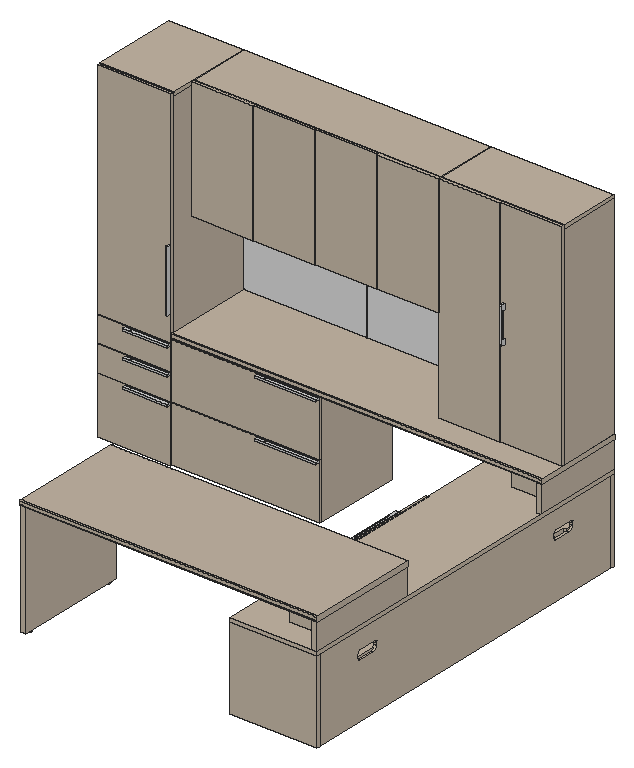
Revit family "FLT016", category Furniture, Revit 2015 (continued)
Definition of nested family "JSI-Flux-Pensl_Crednz"
  Parameters (values of type "Type Catalog - Pnsl Crdnz")
    Drawer Line = if(C1, 2 > 1, (if(C2, 2 > 1, (if(C3, 2 > 1, (if(C4, 2 > 1, (if(C, 2 > 1, (if(C7, (if(Pdst_Width > 1' 10", 1 > 2, 2 > 1)), 1 > 2)))))))))))  # yes
    Doors Line = if(C, 2 > 1, 1 > 2)  # no
    Door Line = if(C7, (if(Pdst_Width > 1' 10", 2 > 1, 1 > 2)), (if(C8, 2 > 1, (if(C, 2 > 1, 1 > 2)))))  # no
    Door Height = if(C7, (Height - 0' 0 5/16" - 0' 0 1/4" - 0' 1 3/16"), (if(C8, (Height - 0' 0 5/16" - 0' 7 3/32" - 0' 1 3/16"), (Height - 0' 0 5/16" - 0' 0 1/4" - 0' 0 1/8" - 0' 1 3/16") / 2)))  # 1' - 1 9/16"
    Depth = 1' - 10 1/16"
    C_Shelf = if(C0, 2 > 1, (if(C1, 2 > 1, (if(C2, 2 > 1, (if(C7, 2 > 1, (if(C8, 2 > 1, 1 > 2)))))))))  # no
    C_Pull_Dist = if(C, (if(L, ((Pdst_Width / 2) + 0' 0 7/32"), ((Pdst_Width / 2) - 0' 0 7/32" - Pull Width))), (if(C1, (if(Width > 4' 6", (if(Pdst_L, Pdst_Width - 0' 0 7/32" - Pull Width, 0' 0 7/32")), ((Pdst_Width - Pull Width) / 2))), (if(C3, (if(Width > 4' 6", (if(Pdst_L, Pdst_Width - 0' 0 7/32" - Pull Width, 0' 0 7/32")), ((Pdst_Width - Pull Width) / 2))), Pdst_Width)))))  # 1' - 8 29/32"
    C_Pull = if(C, 2 > 1, (if(C1, 2 > 1, (if(C3, 2 > 1, 1 > 2)))))  # yes
    C_Partition = if(C0, 1 > 2, (if(C1, 1 > 2, (if(C2, 1 > 2, (if(C3, 1 > 2, (if(C4, 1 > 2, (if(C7, 1 > 2, (if(C8, 1 > 2, 2 > 1)))))))))))))  # no
    Bottom_Pull_Dist = if(C, ((Pdst_Width - BT_Pull_Width) / 2), (if(Pdst_L, Pdst_Width - 0' 0 7/32" - BT_Pull_Width, 0' 0 7/32")))  # 1' - 8 29/32"
    Bottom Panel Dist = if(C7, 0' 0", (if(C8, 0' 0", (if(C0, 0' 0", 0' 5 1/8")))))  # 0' - 5 1/8"
    Bottom Door = if(C0, 1 > 2, 2 > 1)  # yes
    Back Panel = none
    Door Front = none
    Description = ""
    Chassis = none
    BT_Pull_Width = if(C2, (if(Pdst_Width > 1' 10", 1' 2 7/8", 0' 10 27/32")), (if(C4, (if(Pdst_Width > 1' 10", 1' 2 7/8", 0' 10 27/32")), (if(C3, (if(Pdst_Width > 1' 10", 1' 2 7/8", 0' 10 27/32")), (if(C, (if(Pdst_Width > 1' 10", 1' 2 7/8", 0' 10 27/32")), 0' 10 27/32")))))))  # 1' - 2 7/8"
    BT_Pull_Line = if(C0, 1 > 2, 1 > 2)  # no
    BT_Pull = if(C7, 1 > 2, (if(C8, 1 > 2, (if(C0, 1 > 2, 2 > 1)))))  # yes
    Assembly Code = "E2020200"
  Reference planes (in)
    plane 1: z = 0
    plane 2 "Center (Left/Right)": x = -36.06413
    plane 3 "Center (Front/Back)": y = 10.75
    plane 4: x = -36.00163
    plane 5: x = -35.25163
    plane 6: x = -0.00163
    plane 7: x = -0.75163
    plane 8: y = -11.1875
    plane 9: y = 10.625
    plane 10: y = 9.875
    plane 11: x = -18.00163
    plane 12: y = -10.4375
    plane 13: z = 27.8125
    plane 14: z = 0.3125
    plane 15: z = 1.5
    plane 16: z = 2.25
    plane 17: z = 16.71875
    plane 18: z = 15.96875
    plane 19: z = 27.0625
    plane 20: z = 20.96875
    plane 21: z = 20.21875
    plane 22: z = 25.0625
    plane 23: y = 7.15625
    plane 24: y = 6.71875
    plane 25: y = 2.21875
    plane 26: y = -5.9375
    plane 27: y = -6.4375
    plane 28: y = 5.40625
    plane 29: y = 9.09375
    plane 30: y = -9
    plane 31: x = -34.25163
    plane 32: x = -1.75163
    plane 33: y = 8.59375
    plane 34: y = 6.09375
    plane 35: x = -21.00163
    plane 36: x = -15.00163
    plane 37: x = -18.37663
    plane 38: x = -17.62663
    plane 39: z = 27.6875
    plane 40: z = 0.4375
    plane 41: z = 14
    plane 42: z = 14.125
    plane 43: x = -18.06413
    plane 44: x = -17.93913
    plane 45: x = -35.93913
    plane 46: x = -0.06413
    plane 47: z = 20.84375
    plane 48: z = 20.96875
    plane 49: z = 20.90625
    plane 50: y = -10.4375
    plane 51: y = -11.4375
    plane 52: y = -10.4375
    plane 53: y = -11.4375
    plane 54: y = -12.4375
    plane 55: y = -13.4375
    plane 56: y = -12.4375
    plane 57: y = -13.4375
    plane 58: x = -15.09538
    plane 59: x = -15.09538
    plane 60: x = -15.09538
    plane 61: x = -15.09538
    plane 62: z = 27.5
    plane 63: z = 20.65625
    plane 64: z = 13.8125
    plane 65: z = 29
    plane 66: x = 59.93587
    plane 67: x = 59.87337
    plane 68: x = 58.68587
    plane 69: y = 10.6875
    plane 70: y = -11.3125
    plane 71: z = 22.8125
    plane 72: y = -0.28125
    plane 73: y = 5.23437
    plane 74: y = -5.79688
    plane 75: y = 5.82812
    plane 76: y = 4.64062
    plane 77: y = -5.20313
    plane 78: y = -6.39063
    plane 79: z = 21
    plane 80: x = 58.68587
    plane 81: x = 48.68587
  Forms (in)
    Extrusion 1, solid, material <- "Chassis"
      sketch origin (0, 0, 0) x (0, 1, 0) y (0, 0, 1)
        loop
          line (10.6875, 27.8125) -> (-10.4375, 27.8125) -> (-10.4375, 0.3125) -> (10.6875, 0.3125) -> (10.6875, 27.8125)
      from -36.00163 to -35.25163
    Extrusion 2, solid, material <- "Chassis"
      sketch origin (0, 0, 0) x (0, 1, 0) y (0, 0, 1)
        loop
          line (10.6875, 27.8125) -> (-10.4375, 27.8125) -> (-10.4375, 0.3125) -> (10.6875, 0.3125) -> (10.6875, 27.8125)
      from -0.75163 to -0.00163
    Extrusion 3, solid, material <- "Shelf"
      sketch origin (0, 0, 0) x (0, 1, 0) y (0, 0, 1)
        loop
          line (-6.4375, 1.5) -> (-10.4375, 1.5) -> (-10.4375, 0.3125) -> (-6.4375, 0.3125) -> (-6.4375, 1.5)
      from -35.25163 to -0.75163
    Extrusion 4, solid, material <- "Shelf"
      sketch origin (0, 0, 0) x (0, 1, 0) y (0, 0, 1)
        loop
          line (5.40625, 2.25) -> (-10.4375, 2.25) -> (-10.4375, 1.5) -> (5.40625, 1.5) -> (5.40625, 2.25)
      from -35.25163 to -0.75163
    Extrusion 5, solid, material <- "Top"
      sketch origin (0, 0, 0) x (0, 1, 0) y (0, 0, 1)
        loop
          line (6.71875, 27.0625) -> (6.71875, 27.8125) -> (2.21875, 27.8125) -> (2.21875, 27.0625) -> (6.71875, 27.0625)
      from -35.25163 to -0.75163
    Extrusion 6, solid, material <- "Top"
      sketch origin (0, 0, 0) x (0, 1, 0) y (0, 0, 1)
        loop
          line (-6.4375, 27.8125) -> (-10.4375, 27.8125) -> (-10.4375, 27.0625) -> (-6.4375, 27.0625) -> (-6.4375, 27.8125)
      from -35.25163 to -0.75163
    Extrusion 7, solid, material <- "Glides"
      sketch origin (0, 0, 0) x (1, 0, 0) y (0, 1, 0)
        loop
          circle (-34.25163, 9.09375) r 0.5
      from 0 to 0.3125
    Extrusion 8, solid, material <- "Glides"
      sketch origin (0, 0, 0) x (1, 0, 0) y (0, 1, 0)
        loop
          circle (-1.75163, 9.09375) r 0.5
      from 0 to 0.3125
    Extrusion 9, solid, material <- "Glides"
      sketch origin (0, 0, 0) x (1, 0, 0) y (0, 1, 0)
        loop
          circle (-34.25163, -9) r 0.5
      from 0 to 0.3125
    Extrusion 10, solid, material <- "Glides"
      sketch origin (0, 0, 0) x (1, 0, 0) y (0, 1, 0)
        loop
          circle (-1.75163, -9) r 0.5
      from 0 to 0.3125
    Extrusion 11, solid, material <- "Shelf", visible <- "C_Shelf"
      sketch origin (0, 0, 0) x (0, 1, 0) y (0, 0, 1)
        loop
          line (9.875, 16.71875) -> (-10.4375, 16.71875) -> (-10.4375, 15.96875) -> (9.875, 15.96875) -> (9.875, 16.71875)
      from -35.25163 to -0.75163
    Extrusion 12, solid, material <- "Shelf", visible <- "Top Shelf"
      sketch origin (0, 0, 0) x (1, 0, 0) y (0, 1, 0)
        loop
          line (-0.75163, 9.09375) -> (-35.25163, 9.09375) -> (-35.25163, -10.4375) -> (-0.75163, -10.4375) -> (-0.75163, 9.09375)
        loop
          line (-16.00163, 8.59375) -> (-20.00163, 8.59375)
          arc (-20.00163, 8.59375) -> (-20.70874, 8.30086) -> (-21.00163, 7.59375) r 1
          line (-21.00163, 7.59375) -> (-21.00163, 7.09375)
          arc (-21.00163, 7.09375) -> (-20.70874, 6.38664) -> (-20.00163, 6.09375) r 1
          line (-20.00163, 6.09375) -> (-16.00163, 6.09375)
          arc (-16.00163, 6.09375) -> (-15.29453, 6.38664) -> (-15.00163, 7.09375) r 1
          line (-15.00163, 7.09375) -> (-15.00163, 7.59375)
          arc (-15.00163, 7.59375) -> (-15.29453, 8.30086) -> (-16.00163, 8.59375) r 1
      from 20.21875 to 20.96875
    Extrusion 13, solid, material <- "Chassis", visible <- "C_Partition"
      sketch origin (0, 0, 0) x (0, 1, 0) y (0, 0, 1)
        loop
          line (9.875, 27.0625) -> (-10.4375, 27.0625) -> (-10.4375, 14.0625) -> (9.875, 14.0625) -> (9.875, 27.0625)
      from -18.37663 to -17.62663
    Extrusion 14, solid, material <- "Door Front", visible <- "Top Door"
      sketch origin (0, 0, 0) x (1, 0, 0) y (0, 1, 0)
        loop
          line (-0.06413, -10.4375) -> (-35.93913, -10.4375) -> (-35.93913, -11.1875) -> (-0.06413, -11.1875) -> (-0.06413, -10.4375)
      from 14.125 to 27.6875
    Extrusion 15, solid, material <- "Door Front", visible <- "Bottom Door"
      sketch origin (0, 0, 0) x (1, 0, 0) y (0, 1, 0)
        loop
          line (-35.93913, -10.4375) -> (-35.93913, -11.1875) -> (-0.06413, -11.1875) -> (-0.06413, -10.4375) -> (-35.93913, -10.4375)
      from 0.4375 to 14
    Extrusion 16, void
      sketch origin (0, 0, 0) x (1, 0, 0) y (0, 1, 0)
        loop
          line (-36.00163, -10.4375) -> (-36.00163, -11.4375) -> (-17.93913, -11.4375) -> (-17.93913, -10.4375) -> (-36.00163, -10.4375)
      from 20.84375 to 20.96875
    Extrusion 17, void
      sketch origin (0, 0, 0) x (1, 0, 0) y (0, 1, 0)
        loop
          line (-18.06413, -10.4375) -> (-18.06413, -11.4375) -> (-0.00163, -11.4375) -> (-0.00163, -10.4375) -> (-18.06413, -10.4375)
      from 20.84375 to 20.96875
    Extrusion 18, void
      sketch origin (0, 0, 0) x (1, 0, 0) y (0, 1, 0)
        loop
          line (-18.06413, -12.4375) -> (-18.06413, -13.4375) -> (-17.93913, -13.4375) -> (-17.93913, -12.4375) -> (-18.06413, -12.4375)
      from 14 to 27.8125
    Extrusion 19, void
      sketch origin (0, 0, 0) x (1, 0, 0) y (0, 1, 0)
        loop
          line (-18.06413, -12.4375) -> (-18.06413, -13.4375) -> (-17.93913, -13.4375) -> (-17.93913, -12.4375) -> (-18.06413, -12.4375)
      from 0 to 27.8125
    Extrusion 20, solid, material <- "Back Panel"
      sketch origin (0, 0, 0) x (0, 1, 0) y (0, 0, 1)
        loop
          line (9.875, 27.8125) -> (8.59375, 27.8125) -> (8.59375, 22.8125) -> (9.875, 22.8125) -> (9.875, 27.8125)
      from -35.25163 to -0.75163
    Extrusion 21, solid, material <- "Back Panel"
      sketch origin (0, 0, 0) x (0, 1, 0) y (0, 0, 1)
        loop
          line (10.625, 27.8125) -> (9.875, 27.8125) -> (9.875, 0.3125) -> (10.625, 0.3125) -> (10.625, 27.8125)
      from -35.25163 to -0.75163
    Extrusion 22, solid, material <- "Top"
      sketch origin (0, 0, 0) x (0, 1, 0) y (0, 0, 1)
        loop
          line (10.625, 29) -> (-11.1875, 29)
          arc (-11.1875, 29) -> (-11.27589, 28.96339) -> (-11.3125, 28.875) r 0.125
          line (-11.3125, 28.875) -> (-11.3125, 27.9375)
          arc (-11.3125, 27.9375) -> (-11.27589, 27.84911) -> (-11.1875, 27.8125) r 0.125
          line (-11.1875, 27.8125) -> (10.625, 27.8125)
          arc (10.625, 27.8125) -> (10.71339, 27.84911) -> (10.75, 27.9375) r 0.125
          line (10.75, 27.9375) -> (10.75, 28.875)
          arc (10.75, 28.875) -> (10.71339, 28.96339) -> (10.625, 29) r 0.125
      from -36.06413 to 59.93587
    Extrusion 23, solid, material <- "Chassis"
      sketch origin (0, 0, 0) x (1, 0, 0) y (0, 1, 0)
        loop
          line (58.68587, 5.82812) -> (48.68587, 5.82812) -> (48.68587, 4.64062) -> (58.68587, 4.64062) -> (58.68587, 5.82812)
      from 21 to 27.8125
    Extrusion 24, solid, material <- "Chassis"
      sketch origin (0, 0, 0) x (1, 0, 0) y (0, 1, 0)
        loop
          line (48.68587, -5.20313) -> (48.68587, -6.39063) -> (58.68587, -6.39063) -> (58.68587, -5.20313) -> (48.68587, -5.20313)
      from 21 to 27.8125
    Extrusion 25, solid, material <- "Chassis"
      sketch origin (0, 0, 0) x (1, 0, 0) y (0, 1, 0)
        loop
          line (58.68587, 10.75) -> (58.68587, -11.3125) -> (59.87337, -11.3125) -> (59.87337, 10.75) -> (58.68587, 10.75)
      from 21 to 27.8125
  Cuts and joins
    Extrusion 16, Extrusion 17, Extrusion 18, Extrusion 19 cuts Extrusion 14
    Extrusion 19 cuts Extrusion 15
  Lines and regions (in)
    symbolic lines, visible <- "C_Partition", detail levels medium+fine
      curve 1: line (-18.37663, 9.875, 0) -> (-18.37663, -10.4375, 0)
      curve 2: line (-17.62663, 9.875, 0) -> (-17.62663, -10.4375, 0)
      curve 3: line (-17.62663, 9.875, 0) -> (-18.37663, 9.875, 0)
      curve 4: line (-17.62663, -10.4375, 0) -> (-18.37663, -10.4375, 0)
    symbolic lines
      curve 5: line (-36.06413, 10.75, 0) -> (-36.06413, -11.3125, 0)
      curve 6: line (59.93587, 10.75, 0) -> (-36.06413, 10.75, 0)
      curve 7: line (59.93587, -11.3125, 0) -> (-36.06413, -11.3125, 0)
      curve 8: line (59.93587, 10.75, 0) -> (59.93587, -11.3125, 0)
    symbolic lines, detail levels medium+fine
      curve 9: line (58.68587, 10.75, 0) -> (58.68587, -11.3125, 0)
      curve 10: line (59.87337, 10.75, 0) -> (59.87337, -11.3125, 0)
      curve 11: line (59.87337, 10.75, 0) -> (58.68587, 10.75, 0)
      curve 12: line (59.87337, -11.3125, 0) -> (58.68587, -11.3125, 0)
      curve 13: line (58.68587, 5.82812, 0) -> (48.68587, 5.82812, 0)
      curve 14: line (58.68587, 4.64062, 0) -> (48.68587, 4.64062, 0)
      curve 15: line (48.68587, 5.82812, 0) -> (48.68587, 4.64062, 0)
      curve 16: line (58.68587, 5.82812, 0) -> (58.68587, 4.64062, 0)
      curve 17: line (58.68587, -5.20313, 0) -> (48.68587, -5.20313, 0)
      curve 18: line (58.68587, -6.39063, 0) -> (48.68587, -6.39063, 0)
      curve 19: line (48.68587, -5.20313, 0) -> (48.68587, -6.39063, 0)
      curve 20: line (58.68587, -5.20313, 0) -> (58.68587, -6.39063, 0)
      curve 21: line (-0.75163, 10.625, 0) -> (-35.25163, 10.625, 0)
      curve 22: line (-0.75163, 9.875, 0) -> (-35.25163, 9.875, 0)
      curve 23: line (-36.00163, 10.6875, 0) -> (-36.00163, -10.4375, 0)
      curve 24: line (-35.25163, 10.6875, 0) -> (-35.25163, -10.4375, 0)
      curve 25: line (-35.25163, 10.6875, 0) -> (-36.00163, 10.6875, 0)
      curve 26: line (-35.25163, -10.4375, 0) -> (-36.00163, -10.4375, 0)
      curve 27: line (-0.75163, 10.6875, 0) -> (-0.75163, -10.4375, 0)
      curve 28: line (-0.00163, 10.6875, 0) -> (-0.00163, -10.4375, 0)
      curve 29: line (-0.00163, 10.6875, 0) -> (-0.75163, 10.6875, 0)
      curve 30: line (-0.00163, -10.4375, 0) -> (-0.75163, -10.4375, 0)
  Dimensions and locks (in)
    "Pdst_Width": plane 4 to plane 6
    equal spacing: plane 4, plane 11, plane 6
    plane 10 to plane 9 to plane 3 "Center (Front/Back)" = 0' - 0 3/4" locked, 0' - 0 1/8" locked
    locked: plane 8 to plane 12 at 0.75
    plane 4 to plane 5 to plane 31 = 0' - 0 3/4" locked, 0' - 1" locked
    plane 32 to plane 7 to plane 6 = 0' - 1" locked, 0' - 0 3/4" locked
    locked: plane 13 to plane 19 at 0.75
    locked: plane 17 to plane 18 at 0.75
    locked: plane 14 to plane 1 at 0.3125
    plane 16 to plane 15 to plane 14 = 0' - 0 3/4" locked, 0' - 1 3/16" locked
    "Shelf Height": plane 13 to plane 17
    locked: plane 20 to plane 21 at 0.75
    locked: plane 13 to plane 20 at 6.84375
    locked: plane 13 to plane 22 at 2.75
    plane 25 to plane 24 to plane 23 to plane 3 "Center (Front/Back)" = 0' - 4 1/2" locked, 0' - 0 7/16" locked, 0' - 3 19/32" locked
    locked: plane 12 to plane 26 at 4.5
    locked: plane 12 to plane 27 at 4
    locked: plane 29 to plane 3 "Center (Front/Back)" at 1.65625
    locked: plane 12 to plane 30 at 1.4375
    plane 34 to plane 33 to plane 10 = 0' - 2 1/2" locked, 0' - 1 9/32" locked
    locked: plane 35 to plane 36 at 6
    equal spacing: plane 35, plane 11, plane 36
    plane 37 to plane 11 to plane 38 = 0' - 0 3/8" locked, 0' - 0 3/8" locked
    locked: plane 13 to plane 39 at 0.125
    locked: plane 16 to plane 40 at 1.8125
    "Door Height": plane 41 to plane 40
    "Door Height": plane 39 to plane 42
    plane 43 to plane 11 to plane 44 = 0' - 0 1/16" locked, 0' - 0 1/16" locked
    locked: plane 4 to plane 45 at 0.0625
    locked: plane 46 to plane 6 at 0.0625
    plane 48 to plane 49 to plane 47 = 0' - 0 1/16" locked, 0' - 0 1/16" locked
    equal spacing: plane 39, plane 49, plane 42
    locked: plane 51 to plane 50 at 1
    locked: plane 53 to plane 52 at 1
    "L_Door_Void_Dist": plane 50 to plane 12
    "R_Door_Void_Dist": plane 52 to plane 12
    locked: plane 55 to plane 54 at 1
    "Top_V_Door_Void_Dist": plane 54 to plane 12
    locked: plane 57 to plane 56 at 1
    "V_Door_Void_Dist": plane 56 to plane 12
    locked: plane 47 to plane 63 at 0.1875
    "Top Pull V_Dist": plane 39 to plane 62
    locked: plane 41 to plane 64 at 0.1875
    "Top_Left_Pull_Dist": plane 4 to plane 58
    "Top_Right_Pull_Dist": plane 4 to plane 59
    "C_Pull_Dist": plane 4 to plane 60
    "Bottom_Pull_Dist": plane 4 to plane 61
    "Height": plane 65 to plane 1
    "Pdst_Dist": plane 2 "Center (Left/Right)" to plane 4
    "Pdst_Depth": plane 8 to plane 9
    locked: plane 69 to plane 3 "Center (Front/Back)" at 0.0625
    locked: plane 70 to plane 8 at 0.125
    "Depth": plane 70 to plane 3 "Center (Front/Back)"
    locked: plane 13 to plane 71 at 5
    "Width": plane 2 "Center (Left/Right)" to plane 66
    equal spacing: plane 70, plane 72, plane 3 "Center (Front/Back)"
    equal spacing: plane 72, plane 73, plane 3 "Center (Front/Back)"
    equal spacing: plane 70, plane 74, plane 72
    locked: plane 78 to plane 77 at 1.1875
    locked: plane 74 to plane 77 at 0.59375
    locked: plane 76 to plane 75 at 1.1875
    locked: plane 73 to plane 75 at 0.59375
    locked: plane 13 to plane 79 at 6.8125
    locked: plane 81 to plane 80 at 10
    locked: plane 68 to plane 67 at 1.1875
    "H_Top_Support_Dist": plane 2 "Center (Left/Right)" to plane 81
    "V_Top_Support_Dist": plane 2 "Center (Left/Right)" to plane 68
    locked: curve 25 to curve 26 at 21.125
    locked: curve 29 to curve 30 at 21.125
    locked: curve 23 to curve 24 at 0.75
    locked: curve 27 to curve 28 at 0.75
    curve 29 to curve 30 = 1' - 9 1/8"
    radius of Extrusion 7 sketch curve = 0' - 0 1/2"
    radius of Extrusion 8 sketch curve = 0' - 0 1/2"
    radius of Extrusion 9 sketch curve = 0' - 0 1/2"
    radius of Extrusion 10 sketch curve = 0' - 0 1/2"
    aligned and locked: level to plane 1
    aligned and locked: plane 13 to Extrusion 1 sketch curve
    aligned and locked: plane 12 to Extrusion 1 sketch curve
    aligned and locked: plane 14 to Extrusion 1 sketch curve
    aligned and locked: Extrusion 1 to plane 4
    aligned and locked: plane 5 to Extrusion 1
    aligned and locked: plane 13 to Extrusion 2 sketch curve
    aligned and locked: plane 12 to Extrusion 2 sketch curve
    aligned and locked: plane 14 to Extrusion 2 sketch curve
    aligned and locked: Extrusion 2 to plane 7
    aligned and locked: plane 6 to Extrusion 2
    aligned and locked: plane 27 to Extrusion 3 sketch curve
    aligned and locked: plane 12 to Extrusion 3 sketch curve
    aligned and locked: plane 15 to Extrusion 3 sketch curve
    aligned and locked: plane 14 to Extrusion 3 sketch curve
    aligned and locked: Extrusion 3 to plane 5
    aligned and locked: plane 7 to Extrusion 3
    aligned and locked: plane 16 to Extrusion 4 sketch curve
    aligned and locked: plane 15 to Extrusion 4 sketch curve
    aligned and locked: plane 12 to Extrusion 4 sketch curve
    aligned and locked: plane 28 to Extrusion 4 sketch curve
    aligned and locked: Extrusion 4 to plane 5
    aligned and locked: plane 7 to Extrusion 4
    aligned and locked: plane 19 to Extrusion 5 sketch curve
    aligned and locked: plane 13 to Extrusion 5 sketch curve
    aligned and locked: plane 24 to Extrusion 5 sketch curve
    aligned and locked: plane 25 to Extrusion 5 sketch curve
    aligned and locked: plane 27 to Extrusion 6 sketch curve
    aligned and locked: plane 12 to Extrusion 6 sketch curve
    aligned and locked: plane 19 to Extrusion 6 sketch curve
    aligned and locked: plane 13 to Extrusion 6 sketch curve
    aligned and locked: Extrusion 6 to plane 5
    aligned and locked: Extrusion 5 to plane 5
    aligned and locked: plane 7 to Extrusion 6
    aligned and locked: plane 7 to Extrusion 5
    aligned and locked: Extrusion 7 to plane 1
    aligned and locked: Extrusion 9 to plane 1
    aligned and locked: Extrusion 8 to plane 1
    aligned and locked: Extrusion 10 to plane 1
    aligned and locked: plane 14 to Extrusion 7
    aligned and locked: plane 14 to Extrusion 9
    aligned and locked: plane 14 to Extrusion 8
    aligned and locked: plane 14 to Extrusion 10
    aligned and locked: plane 17 to Extrusion 11 sketch curve
    aligned and locked: plane 18 to Extrusion 11 sketch curve
    aligned and locked: plane 12 to Extrusion 11 sketch curve
    aligned and locked: Extrusion 11 to plane 5
    aligned and locked: plane 7 to Extrusion 11
    aligned and locked: Extrusion 12 sketch curve to plane 29
    aligned and locked: Extrusion 12 sketch curve to plane 5
    aligned and locked: Extrusion 12 sketch curve to plane 7
    aligned and locked: Extrusion 12 sketch curve to plane 12
    aligned and locked: plane 20 to Extrusion 12
    aligned and locked: Extrusion 12 to plane 21
    aligned and locked: Extrusion 12 sketch curve to plane 33
    aligned and locked: Extrusion 12 sketch curve to plane 34
    aligned and locked: Extrusion 12 sketch curve to plane 35
    aligned and locked: Extrusion 12 sketch curve to plane 36
    aligned and locked: plane 10 to Extrusion 13 sketch curve
    aligned and locked: plane 19 to Extrusion 13 sketch curve
    aligned and locked: plane 12 to Extrusion 13 sketch curve
    aligned and locked: Extrusion 13 to plane 37
    aligned and locked: plane 38 to Extrusion 13
    aligned and locked: Extrusion 14 sketch curve to plane 12
    aligned and locked: Extrusion 14 sketch curve to plane 8
    aligned and locked: Extrusion 14 sketch curve to plane 45
    aligned and locked: Extrusion 14 sketch curve to plane 46
    aligned and locked: plane 39 to Extrusion 14
    aligned and locked: Extrusion 14 to plane 42
    aligned and locked: Extrusion 15 sketch curve to plane 45
    aligned and locked: Extrusion 15 sketch curve to plane 12
    aligned and locked: Extrusion 15 sketch curve to plane 8
    aligned and locked: Extrusion 15 sketch curve to plane 46
    aligned and locked: plane 41 to Extrusion 15
    aligned and locked: Extrusion 15 to plane 40
    aligned and locked: Extrusion 16 sketch curve to plane 4
    aligned and locked: Extrusion 16 sketch curve to plane 50
    aligned and locked: Extrusion 16 sketch curve to plane 51
    aligned and locked: Extrusion 17 sketch curve to plane 52
    aligned and locked: Extrusion 17 sketch curve to plane 53
    aligned and locked: Extrusion 17 sketch curve to plane 6
    aligned and locked: plane 48 to Extrusion 16
    aligned and locked: plane 48 to Extrusion 17
    aligned and locked: Extrusion 16 to plane 47
    aligned and locked: Extrusion 17 to plane 47
    aligned and locked: Extrusion 16 sketch curve to plane 44
    aligned and locked: Extrusion 17 sketch curve to plane 43
    aligned and locked: Extrusion 18 sketch curve to plane 43
    aligned and locked: Extrusion 18 sketch curve to plane 44
    aligned and locked: Extrusion 18 sketch curve to plane 54
    aligned and locked: Extrusion 18 sketch curve to plane 55
    aligned and locked: plane 13 to Extrusion 18
    aligned and locked: Extrusion 18 to plane 41
    aligned and locked: Extrusion 19 sketch curve to plane 43
    aligned and locked: Extrusion 19 sketch curve to plane 44
    aligned and locked: Extrusion 19 sketch curve to plane 57
    aligned and locked: Extrusion 19 sketch curve to plane 56
    aligned and locked: plane 13 to Extrusion 19
    aligned and locked: nested 1 to plane 58
    aligned and locked: nested 2 to plane 59
    aligned and locked: plane 8 to nested 1
    aligned and locked: plane 8 to nested 2
    aligned and locked: nested 3 to plane 60
    aligned and locked: plane 8 to nested 3
    aligned and locked: nested 4 to plane 61
    aligned and locked: plane 8 to nested 4
    aligned and locked: plane 62 to nested 1
    aligned and locked: plane 62 to nested 2
    aligned and locked: plane 63 to nested 3
    aligned and locked: plane 64 to nested 4
    aligned and locked: Extrusion 19 to plane 1
    aligned and locked: Extrusion 19 to plane 56
    aligned and locked: plane 11 to nested 5
    aligned and locked: curve 1 to plane 37
    aligned and locked: curve 2 to plane 38
    aligned and locked: curve 3 to plane 10
    aligned and locked: curve 4 to plane 12
    aligned and locked: Extrusion 1 sketch curve to plane 69
    aligned and locked: Extrusion 2 sketch curve to plane 69
    aligned and locked: plane 10 to Extrusion 20 sketch curve
    aligned and locked: plane 33 to Extrusion 20 sketch curve
    aligned and locked: plane 71 to Extrusion 20 sketch curve
    aligned and locked: Extrusion 20 sketch curve to plane 13
    aligned and locked: Extrusion 20 to plane 5
    aligned and locked: plane 7 to Extrusion 20
    aligned and locked: plane 9 to Extrusion 21 sketch curve
    aligned and locked: plane 10 to Extrusion 21 sketch curve
    aligned and locked: plane 13 to Extrusion 21 sketch curve
    aligned and locked: plane 14 to Extrusion 21 sketch curve
    aligned and locked: Extrusion 21 to plane 5
    aligned and locked: plane 7 to Extrusion 21
    aligned and locked: Extrusion 11 sketch curve to plane 10
    aligned and locked: plane 65 to Extrusion 22 sketch curve
    aligned and locked: plane 13 to Extrusion 22 sketch curve
    aligned and locked: plane 3 "Center (Front/Back)" to Extrusion 22 sketch curve
    aligned and locked: plane 70 to Extrusion 22 sketch curve
    aligned and locked: Extrusion 22 to plane 2 "Center (Left/Right)"
    aligned and locked: plane 66 to Extrusion 22
    aligned and locked: Extrusion 23 sketch curve to plane 75
    aligned and locked: Extrusion 23 sketch curve to plane 76
    aligned and locked: Extrusion 23 sketch curve to plane 81
    aligned and locked: Extrusion 23 sketch curve to plane 80
    aligned and locked: Extrusion 24 sketch curve to plane 81
    aligned and locked: Extrusion 24 sketch curve to plane 77
    aligned and locked: Extrusion 24 sketch curve to plane 78
    aligned and locked: Extrusion 24 sketch curve to plane 80
    aligned and locked: Extrusion 24 to plane 13
    aligned and locked: Extrusion 23 to plane 13
    aligned and locked: Extrusion 24 to plane 79
    aligned and locked: Extrusion 23 to plane 79
    aligned and locked: Extrusion 25 sketch curve to plane 68
    aligned and locked: Extrusion 25 sketch curve to plane 67
    aligned and locked: Extrusion 25 sketch curve to plane 3 "Center (Front/Back)"
    aligned and locked: Extrusion 25 sketch curve to plane 70
    aligned and locked: Extrusion 25 to plane 13
    aligned and locked: Extrusion 25 to plane 79
    aligned and locked: curve 5 to plane 2 "Center (Left/Right)"
    aligned and locked: curve 6 to plane 3 "Center (Front/Back)"
    aligned and locked: curve 7 to plane 70
    aligned and locked: curve 8 to plane 66
    aligned and locked: curve 9 to plane 68
    aligned and locked: curve 10 to plane 67
    aligned and locked: curve 11 to plane 3 "Center (Front/Back)"
    aligned and locked: curve 12 to plane 70
    aligned and locked: curve 13 to plane 75
    aligned and locked: curve 14 to plane 76
    aligned and locked: curve 15 to plane 81
    aligned and locked: curve 16 to plane 80
    aligned and locked: curve 17 to plane 77
    aligned and locked: curve 18 to plane 78
    aligned and locked: curve 19 to plane 81
    aligned and locked: curve 20 to plane 80
    aligned and locked: plane 5 to curve 21
    aligned and locked: plane 7 to curve 22
    aligned and locked: curve 25 to plane 69
    aligned and locked: curve 27 to plane 7
    aligned and locked: curve 23 to plane 4
  Automatic sketch dimensions
    plane 29 to Extrusion 7 sketch curve = 0' - 0"
    Extrusion 7 sketch curve to plane 31 = 0' - 0"
    plane 29 to Extrusion 8 sketch curve = 0' - 0"
    Extrusion 8 sketch curve to plane 32 = 0' - 0"
    plane 30 to Extrusion 9 sketch curve = 0' - 0"
    Extrusion 9 sketch curve to plane 31 = 0' - 0"
    plane 30 to Extrusion 10 sketch curve = 0' - 0"
    Extrusion 10 sketch curve to plane 32 = 0' - 0"
    plane 35 to Extrusion 12 sketch curve = 0' - 1"
    plane 23 to Extrusion 12 sketch curve = 0' - 0 1/16"
    Extrusion 12 sketch curve to plane 36 = 0' - 1"  (x2)
    Extrusion 22 sketch curve to plane 8 = 0' - 0"  (x2)
    Extrusion 22 sketch curve to plane 9 = 0' - 0"  (x2)
    curve 21 to plane 7 = 0' - 0"
    plane 12 to curve 27 = 0' - 0"
    plane 10 to curve 22 = 0' - 0"
    plane 9 to curve 21 = 0' - 0"
    plane 41 to Extrusion 13 sketch curve = 0' - 0 1/16"
  Nested families (in)
    nested 1: "Bar Pull CL" at (-10.90001, -11.1875, 27.5), visible <- "T_L_Pull", Pull Line <- "T_L_Pull", Pull Finish <- "Pull Finish", type "PL"
      with Pull Line yes, Pull Finish none
    nested 2: "Bar Pull CL" at (-10.90001, -11.1875, 27.5), visible <- "T_R_Pull", Pull Line <- "T_R_Pull", Pull Finish <- "Pull Finish", type "PL"
      with Pull Line yes, Pull Finish none
    nested 3: "Bar Pull CL" at (-10.90001, -11.1875, 20.65625), visible <- "C_Pull", Pull Line <- "C_Pull", Pull Finish <- "Pull Finish", type "PL"
      with Pull Line yes, Pull Finish none
    nested 4: "Bar Pull CL_Long" at (-10.90001, -11.1875, 13.8125), visible <- "BT_Pull", Pull Finish <- "Pull Finish", Pull Lines <- "BT_Pull_Line", type "PL"
      with Pull Lines no, Pull Finish none, Stud 0' - 2 1/8", Long Pull Width 1' - 2 7/8"
    nested 5: "Label 1-16" at (-18.00163, -11.13238, 0), type "DRWCFG"
  Definition of nested family "Bar Pull CL"
    Parameters
      Stud = Pull Width / 7  # 0' - 2 1/8"
      Pull Width = 1' - 2 7/8"
      Pull Line [instance] = yes
      Pull Finish [instance] = none
    Reference planes (in)
      plane 1 "Center Front/Back": y = 0
      plane 2: z = 0
      plane 3 "Center Left/Right": x = 3.24213
      plane 4: y = -0.125
    Forms (in)
      Extrusion 1, solid, material <- "Pull Finish"
        sketch origin (0, 0, 0) x (1, 0, 0) y (0, 1, 0)
          loop
            line (-4.19537, 0) -> (-4.19537, -0.85113)
            arc (-4.19537, -0.85113) -> (-4.16792, -0.91742) -> (-4.10162, -0.94488) r 0.09375
            line (-4.10162, -0.94488) -> (10.60089, -0.94488)
            arc (10.60089, -0.94488) -> (10.65656, -0.92182) -> (10.67963, -0.86614) r 0.07874
            line (10.67963, -0.86614) -> (10.67963, 0) -> (8.55463, 0) -> (8.55463, -0.70177)
            arc (8.55463, -0.70177) -> (8.51801, -0.79016) -> (8.42963, -0.82677) r 0.125
            line (8.42963, -0.82677) -> (-1.94537, -0.82677)
            arc (-1.94537, -0.82677) -> (-2.03376, -0.79016) -> (-2.07037, -0.70177) r 0.125
            line (-2.07037, -0.70177) -> (-2.07037, 0) -> (-4.19537, 0)
        from -0.43307 to -0.11811
      Extrusion 2, solid, material <- "Pull Finish"
        sketch origin (0, 0, 0) x (1, 0, 0) y (0, 1, 0)
          loop
            line (-4.19537, 0) -> (-4.19537, -0.85113)
            arc (-4.19537, -0.85113) -> (-4.16792, -0.91742) -> (-4.10162, -0.94488) r 0.09375
            line (-4.10162, -0.94488) -> (10.60089, -0.94488)
            arc (10.60089, -0.94488) -> (10.65656, -0.92182) -> (10.67963, -0.86614) r 0.07874
            line (10.67963, -0.86614) -> (10.67963, 0) -> (-4.19537, 0)
        from 0 to -0.11811
    Cuts and joins
      joined: Extrusion 1, Extrusion 2
    Lines and regions (in)
      symbolic lines, visible <- "Pull Line"
        curve 1: line (-4.19537, -0.125, 0) -> (-4.19537, -0.85113, 0)
        curve 2: line (10.67963, -0.86614, 0) -> (10.67963, -0.125, 0)
        curve 3: line (-4.10162, -0.94488, 0) -> (10.60089, -0.94488, 0)
        curve 4: arc (-4.19537, -0.85113, 0) -> (-4.16792, -0.91742, 0) -> (-4.10162, -0.94488, 0) r 0.09375
        curve 5: arc (10.60089, -0.94488, 0) -> (10.65656, -0.92182, 0) -> (10.67963, -0.86614, 0) r 0.07874
    Dimensions and locks (in)
      equal spacing: Extrusion 1 sketch curve, plane 3 "Center Left/Right", Extrusion 1 sketch curve
      "Stud": Extrusion 1 sketch curve to Extrusion 1 sketch curve  (x2)
      "Pull Width": Extrusion 1 sketch curve to Extrusion 1 sketch curve
      locked: plane 4 to plane 1 "Center Front/Back" at 0.125
      aligned and locked: level to plane 2
      aligned and locked: Extrusion 2 sketch curve to Extrusion 1  (x2)
      aligned and locked: cut or joined group of Extrusion 1, Extrusion 2 to curve 1
      aligned and locked: curve 4 to cut or joined group of Extrusion 1, Extrusion 2
      aligned and locked: curve 5 to cut or joined group of Extrusion 1, Extrusion 2
      aligned and locked: plane 4 to curve 1
      aligned and locked: plane 4 to curve 2
    Automatic sketch dimensions
      plane 1 "Center Front/Back" to Extrusion 2 sketch curve = 0' - 0"
      plane 1 "Center Front/Back" to Extrusion 1 sketch curve = 0' - 0"  (x2)
      Extrusion 1 sketch curve to Extrusion 1 sketch curve = 0' - 0 3/32"
      Extrusion 1 sketch curve to Extrusion 1 sketch curve = 0' - 0 1/8"  (x2)
      Extrusion 1 sketch curve to Extrusion 1 sketch curve = 0' - 0.07874"
      plane 4 to Extrusion 1 sketch curve = 0' - 0.57677"
      plane 4 to Extrusion 1 sketch curve = 0' - 0.72613"
  Definition of nested family "Bar Pull CL_Long"
    Parameters
      Stud = Long Pull Width / 7  # 0' - 2.12261"
      Pull Lines [instance] = yes
      Long Pull Width = 1' - 2.85827"
      Pull Finish [instance] = none
    Reference planes (in)
      plane 1 "Center Front/Back": y = 0
      plane 2: z = 0
      plane 3 "Center Left/Right": x = 3.24213
    Forms (in)
      Extrusion 1, solid, material <- "Pull Finish"
        sketch origin (0, 0, 0) x (1, 0, 0) y (0, 1, 0)
          loop
            line (-4.18701, 0) -> (-4.18701, -0.85113)
            arc (-4.18701, -0.85113) -> (-4.15955, -0.91742) -> (-4.09326, -0.94488) r 0.09375
            line (-4.09326, -0.94488) -> (10.59252, -0.94488)
            arc (10.59252, -0.94488) -> (10.6482, -0.92182) -> (10.67126, -0.86614) r 0.07874
            line (10.67126, -0.86614) -> (10.67126, 0) -> (8.54865, 0) -> (8.54865, -0.70177)
            arc (8.54865, -0.70177) -> (8.51204, -0.79016) -> (8.42365, -0.82677) r 0.125
            line (8.42365, -0.82677) -> (-1.9394, -0.82677)
            arc (-1.9394, -0.82677) -> (-2.02779, -0.79016) -> (-2.0644, -0.70177) r 0.125
            line (-2.0644, -0.70177) -> (-2.0644, 0) -> (-4.18701, 0)
        from -0.43307 to -0.11811
      Extrusion 2, solid, material <- "Pull Finish"
        sketch origin (0, 0, 0) x (1, 0, 0) y (0, 1, 0)
          loop
            line (-4.18701, 0) -> (-4.18701, -0.85113)
            arc (-4.18701, -0.85113) -> (-4.15955, -0.91742) -> (-4.09326, -0.94488) r 0.09375
            line (-4.09326, -0.94488) -> (10.59252, -0.94488)
            arc (10.59252, -0.94488) -> (10.6482, -0.92182) -> (10.67126, -0.86614) r 0.07874
            line (10.67126, -0.86614) -> (10.67126, 0) -> (-4.18701, 0)
        from 0 to -0.11811
    Cuts and joins
      joined: Extrusion 1, Extrusion 2
    Lines and regions (in)
      symbolic lines, visible <- "Pull Lines"
        curve 1: line (-4.18701, 0, 0) -> (-4.18701, -0.85113, 0)
        curve 2: line (-4.09326, -0.94488, 0) -> (10.59252, -0.94488, 0)
        curve 3: line (10.67126, -0.86614, 0) -> (10.67126, 0, 0)
        curve 4: arc (10.59252, -0.94488, 0) -> (10.6482, -0.92182, 0) -> (10.67126, -0.86614, 0) r 0.07874
        curve 5: arc (-4.18701, -0.85113, 0) -> (-4.15955, -0.91742, 0) -> (-4.09326, -0.94488, 0) r 0.09375
    Dimensions and locks (in)
      equal spacing: Extrusion 1 sketch curve, plane 3 "Center Left/Right", Extrusion 1 sketch curve
      "Stud": Extrusion 1 sketch curve to Extrusion 1 sketch curve  (x2)
      "Long Pull Width": Extrusion 1 sketch curve to Extrusion 1 sketch curve
      aligned and locked: level to plane 2
      aligned and locked: Extrusion 2 sketch curve to Extrusion 1  (x2)
      aligned and locked: cut or joined group of Extrusion 1, Extrusion 2 to curve 1
      aligned and locked: curve 4 to cut or joined group of Extrusion 1, Extrusion 2
      aligned and locked: curve 5 to cut or joined group of Extrusion 1, Extrusion 2
      aligned and locked: plane 1 "Center Front/Back" to curve 1
      aligned and locked: plane 1 "Center Front/Back" to curve 3
    Automatic sketch dimensions
      plane 1 "Center Front/Back" to Extrusion 2 sketch curve = 0' - 0"
      plane 1 "Center Front/Back" to Extrusion 1 sketch curve = 0' - 0"  (x2)
      Extrusion 1 sketch curve to Extrusion 1 sketch curve = 0' - 0 3/32"
      Extrusion 1 sketch curve to Extrusion 1 sketch curve = 0' - 0 1/8"  (x2)
      Extrusion 1 sketch curve to Extrusion 1 sketch curve = 0' - 0.07874"
      plane 1 "Center Front/Back" to Extrusion 1 sketch curve = 0' - 0.70177"
      Extrusion 1 sketch curve to Extrusion 1 sketch curve = 0' - 0.85113"
  Definition of nested family "Label 1-16"
    Parameters
      Model Name = "LOW DOOR"
    Reference planes (in)
      plane 1: y = 0
      plane 2: x = 0
    Text (in)
      label "XX" at (0.00051, -0.12324, 0), shows "Model Name"
Definition of nested family "JSI-Flux-Strg_Tower"
  Parameters (values of type "Type Catalog - Strg Tower")
    WB_Shelf_Width = 1' - 0"
    WB_Shelf_Height = Shelf Dist  # 1' - 0 13/16"
    WB_Shelf_Dist = if(Width > 2' 4", (if(L, 0' 9 3/4", (Width - 1' 9 3/4"))), 0' 0 3/4")  # 0' - 9 3/4"
    WB = no
    Top Width = Width  # 2' - 11 7/8"
    Top Dist = 0' - 0"
    Top = none
    Width = 2' - 11 7/8"
    URL = "www.jsifurniture.com"
    Type Comments = ""
    TAG = if(Width > 2' 4", (if(Doors, (if(SL, (if(L, "Open - 1 Doors", "1 Door - 1 Open")), "2 Doors")), "Open")), (if(Doors, "1 Door", "Open")))  # "2 Doors"
    Shelf_H_Dist = if(WB, (if(L, 0' 0 3/4", (Width - 0' 9"))), 0' 0 3/4")  # 0' - 0 3/4"
    Shelf Width = if(WB, 0' 8 1/4", Width - 0' 1 1/2")  # 2' - 10 3/8"
    Shelf Dist = ((Height - (0' 0 3/4" * (# of Shelf + 2))) / (# of Shelf + 1)) + 0' 0 3/4"  # 1' - 0 13/16"
    Shelf Array Dist = ((Height - (0' 0 3/4" * (# of Shelf + 2))) / (# of Shelf + 1)) + 0' 0 3/4"  # 1' - 0 13/16"
    Shelf = none
    Series = "FLUX"  # constant formula
    SL = no
    Right Pull = yes
    Pull Height = if(SL, 1' 0", Height / 2)  # 2' - 2"
    Pull Finish = none
    Pull Distance = if(SL, (if(L, (Width - 0' 0 7/8"), 0' 0 7/8")), (Door Width + 0' 0 43/64"))  # 1' - 6 35/64"
    Part_R_V_Dist = if(WB, (if(L, 0' 0 3/4", 0' 0")), 0' 0")  # 0' - 0"
    Part_R_Dist = if(WB, (if(L, 0' 9", Width - 0' 0 3/4")), Width - 0' 0 3/4")  # 2' - 11 1/8"
    Part_L_V_Dist = if(WB, (if(L, 0' 0", 0' 0 3/4")), 0' 0")  # 0' - 0"
    Part_L_Dist = if(WB, (if(L, 0' 0", Width - 0' 9 3/4")), 0' 0")  # 0' - 0"
    Part Depth_R = if(WB, (if(L, 0' 0 13/16", 0' 0")), 0' 0")  # 0' - 0"
    Part Depth_L = if(WB, (if(L, 0' 0", 0' 0 13/16")), 0' 0")  # 0' - 0"
    OH Elevation = 2' - 5"
    Model = ""
    Manufacturer = "JSI"  # constant formula
    Left Pull = no
    Lable Dist = if(Doors, 0' 0 13/16", 0' 0")  # 0' - 0 13/16"
    L = yes
    Keynote = "12500"
    JSI Enviromental Website = "http://www.jsifurniture.com/jsi_sustainability_intro.php"
    Height = 4' - 4"
    Doors = yes
    Door Width = if(Width > 2' 4", (if(SL, (if(WB, (Width - 0' 9"), ((Width / 2) + 0' 0 1/4"))), ((Width - 0' 0 1/8") / 2))), Width)  # 1' - 5 7/8"
    Door Dist = if(WB, (if(L, 0' 9", 0' 0")), 0' 0")  # 0' - 0"
    Door Array Dist = if(SL, 0' 0", Door Width + 0' 0 1/8")  # 1' - 6"
    Back Width = if(WB, (Width - 0' 0 3/4"), (Width - 0' 1 1/2"))  # 2' - 10 3/8"
    Back Panel = none
    Door Front = none
    Description = ""
    Depth = 1' - 3 13/16"
    Chassis = none
    Back Dist = if(WB, (if(L, 0' 0 3/4", 0' 0")), 0' 0 3/4")  # 0' - 0 3/4"
    Assembly Code = "E2020200"
    # of Shelf = if(Height > 3' 4", (if(WB, 4, 3)), 2)  # 3
    # of Doors = 2
  Reference planes (in)
    plane 1: z = 0
    plane 2 "Center (Left/Right)": x = -36.06413
    plane 3 "Center (Front/Back)": y = 10.75
    plane 4: x = -36.06413
    plane 5: y = 10.6875
    plane 6: y = 9.9375
    plane 7: y = -4.25
    plane 8: y = -4.3125
    plane 9: y = -5.0625
    plane 10: x = -36.06413
    plane 11: x = -35.31413
    plane 12: x = -26.31413
    plane 13: x = -27.06413
    plane 14: x = -36.06413
    plane 15: x = -0.18913
    plane 16: z = 29
    plane 17: z = 81
    plane 18: z = 29.75
    plane 19: z = 80.25
    plane 20: x = -35.31413
    plane 21: x = -0.93913
    plane 22: x = -26.31413
    plane 23: z = 55
    plane 24: z = 55.375
    plane 25: z = 54.625
    plane 26: y = -2.0625
    plane 27: x = -26.31413
    plane 28: x = -14.31413
    plane 29: z = 42.5625
    plane 30: z = 41.8125
    plane 31: x = -35.31413
    plane 32: y = 10.75
    plane 33: x = -18.06413
    plane 34: x = -18.18913
    plane 35: x = -36.06413
    plane 36: x = -1.93913
    plane 37: x = -17.51726
    plane 38: z = 55
    plane 39: x = -36.06413
    plane 40: x = -35.31413
    plane 41: x = -0.93913
    plane 42: x = -0.18913
    plane 43: y = 10.75
    plane 44: z = 29
    plane 45: z = 29
    plane 46: x = -36.06413
    plane 47: x = -0.18913
    plane 48: x = -18.12663
  Forms (in)
    Extrusion 1, solid, material <- "Top"
      sketch origin (0, 0, 0) x (1, 0, 0) y (0, 0, 1)
        loop
          line (-36.06413, 81) -> (-36.06413, 80.25) -> (-0.18913, 80.25) -> (-0.18913, 81) -> (-36.06413, 81)
      from -10.75 to 4.25
    Extrusion 2, solid, material <- "Shelf"
      sketch origin (0, 0, 0) x (1, 0, 0) y (0, 0, 1)
        loop
          line (-35.31413, 29) -> (-0.93913, 29) -> (-0.93913, 29.75) -> (-35.31413, 29.75) -> (-35.31413, 29)
      from -9.9375 to 4.25
    Extrusion 3, solid, material <- "Back Panel"
      sketch origin (0, 0, 0) x (1, 0, 0) y (0, 1, 0)
        loop
          line (-0.93913, 10.6875) -> (-35.31413, 10.6875) -> (-35.31413, 9.9375) -> (-0.93913, 9.9375) -> (-0.93913, 10.6875)
      from 29 to 80.25
    Extrusion 4, solid, material <- "Shelf"
      sketch origin (-10.75, 0, -12.8125) x (1, 0, 0) y (0, 0, 1)
        loop
          line (-24.56413, 55.375) -> (-24.56413, 54.625) -> (9.81087, 54.625) -> (9.81087, 55.375) -> (-24.56413, 55.375)
      from -9.9375 to 2.0625
    Extrusion 5, solid, material <- "Shelf"
      sketch origin (-10.75, 0, 0) x (1, 0, 0) y (0, 0, 1)
        loop
          line (-24.56413, 55.375) -> (-24.56413, 54.625) -> (9.81087, 54.625) -> (9.81087, 55.375) -> (-24.56413, 55.375)
      from -9.9375 to 2.0625
    Extrusion 6, solid, material <- "Shelf", visible <- "WB"
      sketch origin (0, 0, 0) x (1, 0, 0) y (0, 0, 1)
        loop
          line (-26.31413, 42.5625) -> (-26.31413, 41.8125) -> (-14.31413, 41.8125) -> (-14.31413, 42.5625) -> (-26.31413, 42.5625)
      from -9.9375 to 4.25
    Extrusion 7, solid, material <- "Door Front", visible <- "Doors"
      sketch origin (0, 0, 0) x (1, 0, 0) y (0, 1, 0)
        loop
          line (-36.06413, -4.3125) -> (-36.06413, -5.0625) -> (-18.18913, -5.0625) -> (-18.18913, -4.3125) -> (-36.06413, -4.3125)
      from 29 to 81
    Extrusion 8, solid, material <- "Door Front", visible <- "Doors"
      sketch origin (18, 0, 0) x (1, 0, 0) y (0, 1, 0)
        loop
          line (-36.06413, -4.3125) -> (-36.06413, -5.0625) -> (-18.18913, -5.0625) -> (-18.18913, -4.3125) -> (-36.06413, -4.3125)
      from 29 to 81
    Extrusion 9, solid, material <- "Chassis"
      sketch origin (0, 0, 0) x (1, 0, 0) y (0, 1, 0)
        loop
          line (-36.06413, 10.75) -> (-36.06413, -4.25) -> (-35.31413, -4.25) -> (-35.31413, 10.75) -> (-36.06413, 10.75)
      from 29 to 80.25
    Extrusion 10, solid, material <- "Chassis"
      sketch origin (0, 0, 0) x (1, 0, 0) y (0, 1, 0)
        loop
          line (-0.93913, 10.75) -> (-0.93913, -4.25) -> (-0.18913, -4.25) -> (-0.18913, 10.75) -> (-0.93913, 10.75)
      from 29 to 80.25
    Extrusion 11, solid, material <- "Shelf"
      sketch origin (-10.75, 0, 12.8125) x (1, 0, 0) y (0, 0, 1)
        loop
          line (-24.56413, 55.375) -> (-24.56413, 54.625) -> (9.81087, 54.625) -> (9.81087, 55.375) -> (-24.56413, 55.375)
      from -9.9375 to 2.0625
  Lines and regions (in)
    symbolic lines, visible <- "Doors"
      curve 1: line (-36.06413, -4.3125, 0) -> (-18.18913, -4.3125, 0)
      curve 2: line (-36.06413, -5.0625, 0) -> (-36.06413, -4.3125, 0)
      curve 3: line (-18.18913, -5.0625, 0) -> (-36.06413, -5.0625, 0)
      curve 4: line (-18.18913, -4.3125, 0) -> (-18.18913, -5.0625, 0)
      curve 5: line (-18.06413, -4.3125, 0) -> (-0.18913, -4.3125, 0)
      curve 6: line (-18.06413, -5.0625, 0) -> (-18.06413, -4.3125, 0)
      curve 7: line (-0.18913, -5.0625, 0) -> (-18.06413, -5.0625, 0)
      curve 8: line (-0.18913, -4.3125, 0) -> (-0.18913, -5.0625, 0)
    symbolic lines
      curve 9: line (-36.06413, 10.75, 0) -> (-36.06413, -4.25, 0)
      curve 10: line (-0.18913, 10.75, 0) -> (-0.18913, -4.25, 0)
      curve 11: line (-0.18913, 10.75, 0) -> (-36.06413, 10.75, 0)
      curve 12: line (-0.18913, -4.25, 0) -> (-36.06413, -4.25, 0)
    symbolic lines, detail levels medium+fine
      curve 13: line (-35.31413, -4.25, 0) -> (-35.31413, 10.75, 0)
      curve 14: line (-35.31413, 10.75, 0) -> (-36.06413, 10.75, 0)
      curve 15: line (-36.06413, 10.75, 0) -> (-36.06413, -4.25, 0)
      curve 16: line (-36.06413, -4.25, 0) -> (-35.31413, -4.25, 0)
      curve 17: line (-0.18913, -4.25, 0) -> (-0.18913, 10.75, 0)
      curve 18: line (-0.18913, 10.75, 0) -> (-0.93913, 10.75, 0)
      curve 19: line (-0.93913, 10.75, 0) -> (-0.93913, -4.25, 0)
      curve 20: line (-0.93913, -4.25, 0) -> (-0.18913, -4.25, 0)
      curve 21: line (-35.31413, 9.9375, 0) -> (-0.93913, 9.9375, 0)
      curve 22: line (-0.93913, 9.9375, 0) -> (-0.93913, 10.6875, 0)
      curve 23: line (-0.93913, 10.6875, 0) -> (-35.31413, 10.6875, 0)
      curve 24: line (-35.31413, 10.6875, 0) -> (-35.31413, 9.9375, 0)
  Dimensions and locks (in)
    locked: plane 6 to plane 3 "Center (Front/Back)" at 0.8125
    locked: plane 5 to plane 3 "Center (Front/Back)" at 0.0625
    plane 9 to plane 8 to plane 7 = 0' - 0 3/4" locked, 0' - 0 1/16" locked
    "Depth": plane 9 to plane 3 "Center (Front/Back)"
    locked: plane 10 to plane 11 at 0.75
    locked: plane 13 to plane 12 at 0.75
    "Top Width": plane 14 to plane 15
    "Top Dist": plane 4 to plane 14
    "Height": plane 17 to plane 16
    "OH Elevation": plane 16 to plane 1
    locked: plane 17 to plane 19 at 0.75
    locked: plane 18 to plane 16 at 0.75
    equal spacing: plane 17, plane 23, plane 16
    plane 24 to plane 23 to plane 25 = 0' - 0 3/8" locked, 0' - 0 3/8" locked
    "Shelf Width": Extrusion 4 sketch curve to Extrusion 4 sketch curve
    "Shelf Width": Extrusion 5 sketch curve to Extrusion 5 sketch curve
    equal spacing: group 1, group 2, group 5  (x3)
    "Shelf Array Dist": Extrusion 5 to Extrusion 4
    "Shelf Dist": Extrusion 4 to plane 16
    "WB_Shelf_Width": plane 27 to plane 28
    locked: plane 29 to plane 30 at 0.75
    "WB_Shelf_Height": plane 30 to plane 16
    "Shelf_H_Dist": plane 2 "Center (Left/Right)" to plane 31
    "Part Depth_L": plane 32 to plane 3 "Center (Front/Back)"
    "Door Width": Extrusion 7 sketch curve to Extrusion 7 sketch curve
    "Door Width": Extrusion 8 sketch curve to Extrusion 8 sketch curve
    group 3 to group 4 = 1' - 6"
    group 3 to group 4 = 0' - 0"  (x2)
    "Door Array Dist": Extrusion 7 to Extrusion 8
    "Door Dist": plane 2 "Center (Left/Right)" to plane 35
    "Pull Distance": plane 2 "Center (Left/Right)" to plane 37
    "Pull Height": plane 38 to plane 16
    "Lable Dist": nested 2 to plane 7
    "WB_Shelf_Dist": plane 2 "Center (Left/Right)" to plane 27
    locked: plane 39 to plane 40 at 0.75
    locked: plane 41 to plane 42 at 0.75
    "Part_L_Dist": plane 2 "Center (Left/Right)" to plane 39
    "Part_R_Dist": plane 2 "Center (Left/Right)" to plane 41
    "Part Depth_R": plane 43 to plane 3 "Center (Front/Back)"
    "Part_L_V_Dist": plane 44 to plane 16
    plane 45 to plane 16 = 0' - 0"
    "Back Width": plane 20 to plane 21
    "Back Dist": plane 14 to plane 20
    "Width": plane 46 to plane 47
    "Top Dist": plane 2 "Center (Left/Right)" to plane 46
    equal spacing: plane 46, plane 48, plane 47
    "Height": Extrusion 7 to Extrusion 7
    "Height": Extrusion 8 to Extrusion 8
    "Shelf Width": Extrusion 11 sketch curve to Extrusion 11 sketch curve
    aligned and locked: level to plane 1
    aligned and locked: Extrusion 1 sketch curve to plane 17
    aligned and locked: Extrusion 1 sketch curve to plane 19
    aligned and locked: Extrusion 1 sketch curve to plane 14
    aligned and locked: Extrusion 1 sketch curve to plane 15
    aligned and locked: Extrusion 1 to plane 3 "Center (Front/Back)"
    aligned and locked: plane 7 to Extrusion 1
    aligned and locked: Extrusion 2 sketch curve to plane 16
    aligned and locked: Extrusion 2 sketch curve to plane 18
    aligned and locked: Extrusion 2 sketch curve to plane 20
    aligned and locked: Extrusion 2 sketch curve to plane 21
    aligned and locked: Extrusion 2 to plane 6
    aligned and locked: plane 7 to Extrusion 2
    aligned and locked: Extrusion 3 sketch curve to plane 5
    aligned and locked: Extrusion 3 sketch curve to plane 6
    aligned and locked: Extrusion 3 sketch curve to plane 20
    aligned and locked: Extrusion 3 sketch curve to plane 21
    aligned and locked: plane 19 to Extrusion 3
    aligned and locked: Extrusion 3 to plane 16
    aligned and locked: Extrusion 4 to plane 6
    aligned and locked: Extrusion 5 to plane 6
    aligned and locked: Extrusion 6 sketch curve to plane 27
    aligned and locked: Extrusion 6 sketch curve to plane 28
    aligned and locked: Extrusion 6 sketch curve to plane 29
    aligned and locked: Extrusion 6 sketch curve to plane 30
    aligned and locked: Extrusion 6 to plane 6
    aligned and locked: plane 7 to Extrusion 6
    aligned and locked: Extrusion 4 to plane 31
    aligned and locked: Extrusion 5 to plane 31
    aligned and locked: Extrusion 7 sketch curve to plane 9
    aligned and locked: Extrusion 7 to plane 16
    aligned and locked: curve 1 to Extrusion 7
    aligned and locked: curve 2 to Extrusion 7
    aligned and locked: curve 3 to Extrusion 7
    aligned and locked: curve 4 to Extrusion 7
    aligned and locked: curve 5 to Extrusion 8
    aligned and locked: curve 6 to Extrusion 8
    aligned and locked: curve 7 to Extrusion 8
    aligned and locked: curve 8 to Extrusion 8
    aligned and locked: Extrusion 7 to plane 35
    aligned and locked: plane 9 to nested 1
    aligned and locked: plane 37 to nested 1
    aligned and locked: plane 38 to nested 1
    aligned and locked: Extrusion 9 sketch curve to plane 39
    aligned and locked: Extrusion 9 sketch curve to plane 40
    aligned and locked: Extrusion 9 sketch curve to plane 32
    aligned and locked: Extrusion 9 sketch curve to plane 7
    aligned and locked: Extrusion 10 sketch curve to plane 41
    aligned and locked: Extrusion 10 sketch curve to plane 42
    aligned and locked: Extrusion 10 sketch curve to plane 7
    aligned and locked: plane 19 to Extrusion 9
    aligned and locked: plane 19 to Extrusion 10
    aligned and locked: Extrusion 10 sketch curve to plane 43
    aligned and locked: Extrusion 9 to plane 44
    aligned and locked: Extrusion 10 to plane 45
    aligned and locked: curve 9 to plane 46
    aligned and locked: curve 10 to plane 47
    aligned and locked: curve 11 to plane 43
    aligned and locked: curve 12 to plane 7
    aligned and locked: plane 48 to nested 2
    aligned and locked: Extrusion 7 to plane 45
    aligned and locked: Extrusion 8 to plane 45
    aligned and locked: plane 16 to Extrusion 7
    aligned and locked: Extrusion 8 to plane 16
    aligned and locked: curve 13 to Extrusion 9
    aligned and locked: curve 14 to Extrusion 9
    aligned and locked: curve 15 to Extrusion 9
    aligned and locked: curve 16 to Extrusion 9
    aligned and locked: curve 17 to Extrusion 10
    aligned and locked: curve 18 to Extrusion 10
    aligned and locked: curve 19 to Extrusion 10
    aligned and locked: curve 20 to Extrusion 10
    aligned and locked: curve 21 to Extrusion 3
    aligned and locked: curve 22 to Extrusion 3
    aligned and locked: curve 23 to Extrusion 3
    aligned and locked: curve 24 to Extrusion 3
  Automatic sketch dimensions
    Extrusion 4 sketch curve to Extrusion 4 sketch curve = 0' - 0 3/4"
    Extrusion 5 sketch curve to Extrusion 5 sketch curve = 0' - 0 3/4"
    Extrusion 7 sketch curve to Extrusion 7 sketch curve = 0' - 0 3/4"
    Extrusion 8 sketch curve to Extrusion 8 sketch curve = 0' - 0 3/4"
    curve 2 to curve 3 = 1' - 5 7/8"
    curve 2 to curve 2 = 0' - 0 3/4"
    curve 6 to curve 7 = 1' - 5 7/8"
    curve 6 to curve 6 = 0' - 0 3/4"
    Extrusion 11 sketch curve to Extrusion 11 sketch curve = 0' - 0 3/4"
  Nested families (in)
    nested 1: "Bar Pull H" at (-20.75939, -5.0625, 55), Pull Finish <- "Pull Finish", L <- "Left Pull", R <- "Right Pull", type "PL"
      with R yes, Pull Finish none, L no
    nested 2: "Label 1-16 OH" at (-18.12663, -5.0625, 0), type "OH DOORS"
  Definition of nested family "Bar Pull H"
    Parameters
      R [instance] = yes
      Pull Finish [instance] = none
      L [instance] = yes
    Reference planes (in)
      plane 1 "Center Front/Back": y = 0
      plane 2: z = 0
      plane 3 "Center Left/Right": x = 3.24213
    Forms (in)
      Extrusion 1, solid, material <- "Pull Finish", visible <- "L"
        sketch origin (3.24213, 0, 3.24963) x (0, 0, -1) y (0, 1, 0)
          loop
            line (-1.18701, 0) -> (-1.18701, -0.85113)
            arc (-1.18701, -0.85113) -> (-1.15955, -0.91742) -> (-1.09326, -0.94488) r 0.09375
            line (-1.09326, -0.94488) -> (7.59252, -0.94488)
            arc (7.59252, -0.94488) -> (7.6482, -0.92182) -> (7.67126, -0.86614) r 0.07874
            line (7.67126, -0.86614) -> (7.67126, 0) -> (6.37205, 0) -> (6.37205, -0.70177)
            arc (6.37205, -0.70177) -> (6.33544, -0.79016) -> (6.24705, -0.82677) r 0.125
            line (6.24705, -0.82677) -> (0.2372, -0.82677)
            arc (0.2372, -0.82677) -> (0.14882, -0.79016) -> (0.1122, -0.70177) r 0.125
            line (0.1122, -0.70177) -> (0.1122, 0) -> (-1.18701, 0)
        from -0.43307 to -0.11811
      Extrusion 2, solid, material <- "Pull Finish", visible <- "L"
        sketch origin (3.24213, 0, 3.24963) x (0, 0, -1) y (0, 1, 0)
          loop
            line (-1.18701, 0) -> (-1.18701, -0.85113)
            arc (-1.18701, -0.85113) -> (-1.15955, -0.91742) -> (-1.09326, -0.94488) r 0.09375
            line (-1.09326, -0.94488) -> (7.59252, -0.94488)
            arc (7.59252, -0.94488) -> (7.6482, -0.92182) -> (7.67126, -0.86614) r 0.07874
            line (7.67126, -0.86614) -> (7.67126, 0) -> (-1.18701, 0)
        from 0 to -0.11811
      Extrusion 3, solid, material <- "Pull Finish", visible <- "R"
        sketch origin (3.24213, 0, 3.24963) x (0, 0, -1) y (0, -1, 0)
          loop
            line (-1.18701, 0) -> (0.1122, 0) -> (0.1122, 0.70177)
            arc (0.1122, 0.70177) -> (0.14882, 0.79016) -> (0.2372, 0.82677) r 0.125
            line (0.2372, 0.82677) -> (6.24705, 0.82677)
            arc (6.24705, 0.82677) -> (6.33544, 0.79016) -> (6.37205, 0.70177) r 0.125
            line (6.37205, 0.70177) -> (6.37205, 0) -> (7.67126, 0) -> (7.67126, 0.86614)
            arc (7.67126, 0.86614) -> (7.6482, 0.92182) -> (7.59252, 0.94488) r 0.07874
            line (7.59252, 0.94488) -> (-1.09326, 0.94488)
            arc (-1.09326, 0.94488) -> (-1.15955, 0.91742) -> (-1.18701, 0.85113) r 0.09375
            line (-1.18701, 0.85113) -> (-1.18701, 0)
        from -0.43307 to -0.11811
      Extrusion 4, solid, material <- "Pull Finish", visible <- "R"
        sketch origin (3.24213, 0, 3.24963) x (0, 0, -1) y (0, -1, 0)
          loop
            line (-1.18701, 0) -> (7.67126, 0) -> (7.67126, 0.86614)
            arc (7.67126, 0.86614) -> (7.6482, 0.92182) -> (7.59252, 0.94488) r 0.07874
            line (7.59252, 0.94488) -> (-1.09326, 0.94488)
            arc (-1.09326, 0.94488) -> (-1.15955, 0.91742) -> (-1.18701, 0.85113) r 0.09375
            line (-1.18701, 0.85113) -> (-1.18701, 0)
        from 0 to -0.11811
    Cuts and joins
      joined: Extrusion 1, Extrusion 2
      joined: Extrusion 3, Extrusion 4
    Dimensions and locks (in)
      aligned and locked: level to plane 2
      aligned and locked: Extrusion 2 sketch curve to Extrusion 1  (x6)
      aligned and locked: Extrusion 3 to Extrusion 4 sketch curve  (x2)
      aligned and locked: Extrusion 4 sketch curve to Extrusion 3  (x4)
  Definition of nested family "Label 1-16 OH"
    Parameters
      Width = 0' - 1"
      Model Name = "6 Doors"
    Reference planes (in)
      plane 1: y = 0
      plane 2: x = 0
    Text (in)
      label "XX" at (0.00051, -0.12324, 0), shows "Model Name"
Definition of nested family "JSI-Flux-Wall_Mount_Dbl_Ht_OH"
  Parameters (values of type "Type Catalog - Wall Mount Dbl Ht OH")
    Wiring Hole Dist = if(# of Doors > 3, 1' 6", 0' 9")  # 1' - 6"
    Top = none
    Width = 7' - 11 7/8"
    URL = "www.jsifurniture.com"
    Type Comments = ""
    TAG = if(Width > 6' 6", "6 Doors", (if(Width > 4' 6", "4 Doors", (if(Width > 3' 0", "3 Doors", "2 Doors")))))  # "6 Doors"
